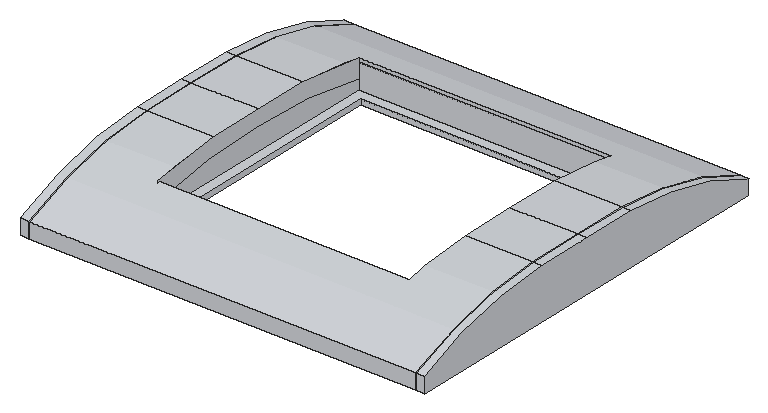
Revit family "Gira_021108", category Electrical Fixtures, host Face, Revit 2017
Family settings
  Host = Face
  Maintain Annotation Orientation = No
  Round Connector Dimension = Use Diameter
  Part Type = Normal
  Cut with Voids When Loaded = No
  Shared = No
  Room Calculation Point = No
Parameters (values of type "Cov.fr. 1-g interm.fr. AN Gira Event anthra.")
  With mounting grid = "No"
  With hinged lid = "No"
  URL = "http://katalog.gira.de/en/datenblatt.html?artikelnr=021108"
  Type of fastening = "Clamp mounting"
  Transparent = "No"
  Surface protection = "Other"
  Suitable for wall duct = "No"
  Suitable for flush-mounted installation = "Yes"
  Suitable for floor box = "No"
  Suitable for built-in installation = "No"
  Number of units vertical = "1"
  Number of units horizontal = "1"
  Number of units = "1"
  Name = "Cov.fr. 1-g interm.fr. AN Gira Event anthra."
  Mounting direction = "Horizontal and vertical"
  Material quality = "Thermoplastic"
  Material = "Plastic"
  Manufacturer URL = "https://www.gira.de/"
  Manufacturer = "Gira"
  Label space/information surface = "No"
  Keynote = ""
  HeinzeBIM = "https://bimportal.heinze.de/bim/cov-fr-1-g-interm-fr-an-gira-event-anthra-/b331706aa5d0b203c75e35e6c849a84955e5cd40"
  Halogen free = "Yes"
  HAN = "021108"
  GTIN = "4010337211082"
  Description = "Cov.fr.1g i.fr.AN Event ANm,Gira Event frames,anthracite with anthracite intermediate frame,1-gang,Features:,- Shatter-proof."
  Degree of protection (IP) = "IP20"
  Default Elevation = 1219.2 mm
  Data sheet (1) = "https://katalog.gira.de/en/download.html?artikelnr=021108"
  Colour = "Anthracite"
  Category = "Cover frame for domestic switching devices"
  BIM (1) = "https://media.stage.bim.site/public/gira/36a6b08/Event_Rahmen_1fach.rfa"
  Available = "No"
Reference planes
  plane 1 "Center (Front/Back)": y = 0
  plane 2: z = 0
  plane 3 "Center (Left/Right)": x = 0
Forms (mm)
  Extrusion 1, solid, detail levels fine
    sketch origin (0, 0, 1.55) x (0, 1, 0) y (0, 0, 1)
      loop
        arc (12.445, 9.683) -> (6.223, 9.833) -> (0, 9.85) r 291.636
        arc (0, 9.85) -> (-6.223, 9.833) -> (-12.445, 9.683) r 291.636
        arc (-12.445, 9.683) -> (-29.14, 7.482) -> (-45, 1.823) r 79.728
        line (-45, 1.823) -> (-45, -1.55) -> (-41.777, -1.55) -> (-41.777, -0.55)
        arc (-41.777, -0.55) -> (-21.205, 4.846) -> (0, 6.467) r 118.15
        arc (0, 6.467) -> (21.205, 4.846) -> (41.777, -0.55) r 118.15
        line (41.777, -0.55) -> (41.777, -1.55) -> (45, -1.55) -> (45, 1.823)
        arc (45, 1.823) -> (29.14, 7.482) -> (12.445, 9.683) r 79.728
    from -43 to 43
  Extrusion 2, void, detail levels fine
    sketch origin (0, 0, 0) x (1, 0, 0) y (0, 1, 0)
      loop
        line (-28, -28) -> (28, -28) -> (28, 28) -> (-28, 28) -> (-28, -28)
    from 2.85 to 12
  Extrusion 3, solid, detail levels coarse
    sketch origin (0, 0, 0) x (1, 0, 0) y (0, 1, 0)
      loop
        line (-45, 45) -> (-45, -45) -> (45, -45) -> (45, 45) -> (-45, 45)
    from 0 to 11.4
  Extrusion 4, solid, detail levels medium
    sketch origin (0, 0, 1.55) x (0, 1, 0) y (0, 0, 1)
      loop
        arc (12.445, 9.683) -> (6.223, 9.833) -> (0, 9.85) r 291.636
        arc (0, 9.85) -> (-6.223, 9.833) -> (-12.445, 9.683) r 291.636
        arc (-12.445, 9.683) -> (-29.14, 7.482) -> (-45, 1.823) r 79.728
        line (-45, 1.823) -> (-45, -1.55) -> (45, -1.55) -> (45, 1.823)
        arc (45, 1.823) -> (29.14, 7.482) -> (12.445, 9.683) r 79.728
    from -45 to 45
  Extrusion 5, solid, detail levels fine
    sketch origin (0, 0, 0) x (0, 1, 0) y (0, 0, 1)
      loop
        arc (45, 3.373) -> (29.14, 9.032) -> (12.445, 11.233) r 79.728
        arc (12.445, 11.233) -> (6.223, 11.383) -> (0, 11.4) r 291.636
        arc (0, 11.4) -> (-6.223, 11.383) -> (-12.445, 11.233) r 291.636
        arc (-12.445, 11.233) -> (-29.14, 9.032) -> (-45, 3.373) r 79.728
        line (-45, 3.373) -> (-45, 0) -> (45, 0) -> (45, 3.373)
    from 43 to 45
  Extrusion 6, solid, detail levels fine
    sketch origin (0, 0, 0) x (0, 1, 0) y (0, 0, -1)
      loop
        line (45, -3.373) -> (45, 0) -> (-45, 0) -> (-45, -3.373)
        arc (-45, -3.373) -> (-29.14, -9.032) -> (-12.445, -11.233) r 79.728
        arc (-12.445, -11.233) -> (-6.223, -11.383) -> (0, -11.4) r 291.636
        arc (0, -11.4) -> (6.223, -11.383) -> (12.445, -11.233) r 291.636
        arc (12.445, -11.233) -> (29.14, -9.032) -> (45, -3.373) r 79.728
    from 43 to 45
  Extrusion 7, solid, detail levels fine
    sketch origin (0, 0, 0) x (1, 0, 0) y (0, 1, 0)
      loop
        line (-25.7, 25.7) -> (-25.7, -25.7) -> (25.7, -25.7) -> (25.7, 25.7) -> (-25.7, 25.7)
      loop
        line (-29.495, 27.895) -> (-29.495, -27.895)
        spline (-29.495, -27.895) -> (-29.486, -28.025) -> (-29.461, -28.154) -> (-29.419, -28.278) -> (-29.361, -28.395) -> (-29.288, -28.504) -> (-29.202, -28.602) -> (-29.104, -28.688) -> (-28.995, -28.761) -> (-28.878, -28.819) -> (-28.754, -28.861) -> (-28.625, -28.886) -> (-28.495, -28.895)
        line (-28.495, -28.895) -> (28.495, -28.895)
        spline (28.495, -28.895) -> (28.625, -28.886) -> (28.754, -28.861) -> (28.878, -28.819) -> (28.995, -28.761) -> (29.104, -28.688) -> (29.202, -28.602) -> (29.288, -28.504) -> (29.361, -28.395) -> (29.419, -28.278) -> (29.461, -28.154) -> (29.486, -28.025) -> (29.495, -27.895)
        line (29.495, -27.895) -> (29.495, 27.895)
        spline (29.495, 27.895) -> (29.486, 28.025) -> (29.461, 28.154) -> (29.419, 28.278) -> (29.361, 28.395) -> (29.288, 28.504) -> (29.202, 28.602) -> (29.104, 28.688) -> (28.995, 28.761) -> (28.878, 28.819) -> (28.754, 28.861) -> (28.625, 28.886) -> (28.495, 28.895)
        line (28.495, 28.895) -> (-28.495, 28.895)
        spline (-28.495, 28.895) -> (-28.625, 28.886) -> (-28.754, 28.861) -> (-28.878, 28.819) -> (-28.995, 28.761) -> (-29.104, 28.688) -> (-29.202, 28.602) -> (-29.288, 28.504) -> (-29.361, 28.395) -> (-29.419, 28.278) -> (-29.461, 28.154) -> (-29.486, 28.025) -> (-29.495, 27.895)
    from 1.673 to 8.5
Cuts and joins
  Extrusion 2 cuts Extrusion 1
  Extrusion 2 cuts Extrusion 7
Dimensions and locks
  aligned and locked: plane 2 to host face
  aligned and locked: level to host face
